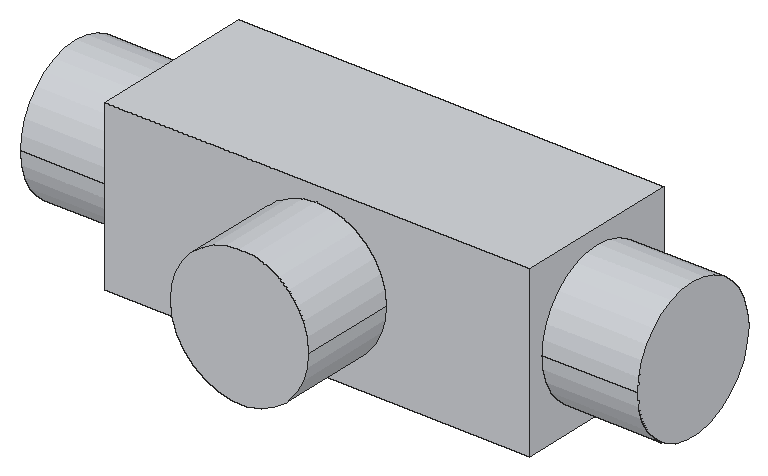
Revit family "M_Corpo do conduíte - Tipo T - Alumínio", category Conexões do conduite, Revit 2019
Family settings
  Cota do conector redondo = Usar raio
  Tipo de parte = Tê
  Número OmniClass = 23.80.30.17.11
  Título OmniClass = Conduits
  ID de item do Seek = Conduit Body - Type T - Aluminum-0000-CAN-ENU
  Com base no plano de trabalho = Não
  Sempre na vertical = Sim
  Corte com vazios quando carregada = Não
  Compartilhado = Não
Parameters (values of type "Padrão")
  Raio nominal 2 [instance] = 8 mm
  Raio nominal 1 [instance] = 8 mm
  Diâmetro nominal 2 [instance] = Raio nominal 2 * 2  # 16 mm
  Diâmetro nominal 1 [instance] = Raio nominal 1 * 2  # 16 mm
  Diâmetro nominal máximo 12 [instance] = if(Diâmetro nominal 1 > Diâmetro nominal 2, Diâmetro nominal 1, Diâmetro nominal 2)  # 16 mm
  Raio externo da conexão 2 [instance] = Diâmetro externo da conexão 2 * 0.5  # 13.716 mm
  Raio externo da conexão 1 [instance] = Diâmetro externo da conexão 1 * 0.5  # 13.716 mm
  Diâmetro externo da conexão 2 [instance] = size_lookup(Pesquisa de tamanho de conduite, "FOD", 1.15 * Diâmetro nominal 2 + 11.708 mm, Diâmetro nominal 2)  # 27.432 mm
  Diâmetro externo da conexão 1 [instance] = size_lookup(Pesquisa de tamanho de conduite, "FOD", 1.15 * Diâmetro nominal 1 + 11.708 mm, Diâmetro nominal 1)  # 27.432 mm
  Pesquisa de tamanho de conduite = "M_Conduit Body - Type T - Aluminum"
  Comprimento do conduíte 2 [instance] = size_lookup(Pesquisa de tamanho de conduite, "CLgt", 0.17 * Diâmetro nominal 2 + 18.256 mm, Diâmetro nominal 2)  # 19.05 mm
  Comprimento do conduíte 1 [instance] = size_lookup(Pesquisa de tamanho de conduite, "CLgt", 0.17 * Diâmetro nominal 1 + 18.256 mm, Diâmetro nominal 1)  # 19.05 mm
  Centro ao final [instance] = size_lookup(Pesquisa de tamanho de conduite, "CtE", 1.93 * Diâmetro nominal máximo 12 + 38.596 mm, Diâmetro nominal máximo 12)  # 61.119 mm
  Largura do corpo do conduíte [instance] = size_lookup(Pesquisa de tamanho de conduite, "CBW", 1.31 * Diâmetro nominal máximo 12 + 16.272 mm, Diâmetro nominal máximo 12)  # 33.338 mm
Reference planes
  plane 1 "Centro (Frente/Trás)": y = 0
  plane 2: z = 0
  plane 3 "Centro (Esquerda/Direita)": x = 0
  plane 4: x = -42.069
  plane 5: x = 42.069
  plane 6: y = 16.669
  plane 7: y = -16.669
  plane 8: z = 16.669
  plane 9: z = -16.669
  plane 10: x = -61.119
  plane 11: y = -35.719
  plane 12: x = 61.119
Forms (mm)
  Extrusion 1, solid
    sketch origin (0, 0, 0) x (1, 0, 0) y (0, 1, 0)
      loop
        line (-42.069, 16.669) -> (-42.069, -16.669) -> (42.069, -16.669) -> (42.069, 16.669) -> (-42.069, 16.669)
    from -16.669 to 16.669
  Extrusion 2, solid, detail levels fine
    sketch origin (0, 0, 0) x (0, 1, 0) y (0, 0, 1)
      loop
        circle (0, 0) r 13.716
    from -61.119 to -42.069
  Extrusion 3, solid, detail levels fine
    sketch origin (0, 0, 0) x (0, 1, 0) y (0, 0, 1)
      loop
        circle (0, 0) r 13.716
    from 42.069 to 61.119
  Extrusion 4, solid, detail levels fine
    sketch origin (0, 0, 0) x (1, 0, 0) y (0, 0, 1)
      loop
        circle (0, 0) r 13.716
    from 16.669 to 35.719
Lines and regions (mm)
  model lines, detail levels coarse+medium
    curve 1: line (-61.119, 0, 0) -> (-42.069, 0, 0)
    curve 2: line (42.069, 0, 0) -> (61.119, 0, 0)
    curve 3: line (0, -16.669, 0) -> (0, -35.719, 0)
Dimensions and locks
  equal spacing: plane 6, plane 1 "Centro (Frente/Trás)", plane 7
  "Largura do corpo do conduíte": plane 6 to plane 7
  equal spacing: plane 8, plane 2, plane 9
  "Largura do corpo do conduíte": plane 8 to plane 9
  "Comprimento do conduíte 1": plane 10 to plane 4
  "Centro ao final": plane 10 to plane 3 "Centro (Esquerda/Direita)"
  "Comprimento do conduíte 1": plane 5 to plane 12
  "Centro ao final": plane 3 "Centro (Esquerda/Direita)" to plane 12
  "Comprimento do conduíte 2": plane 7 to plane 11
  "Raio externo da conexão 1": radius of Extrusion 2 sketch curve
  "Raio externo da conexão 1": radius of Extrusion 3 sketch curve
  "Raio externo da conexão 2": radius of Extrusion 4 sketch curve
  aligned and locked: Extrusion 1 to plane 7
  aligned and locked: plane 6 to Extrusion 1
  aligned and locked: Extrusion 1 to plane 4
  aligned and locked: plane 5 to Extrusion 1
  aligned and locked: plane 8 to Extrusion 1
  aligned and locked: Extrusion 1 to plane 9
  aligned and locked: plane 2 to Extrusion 2 sketch curve
  aligned and locked: plane 1 "Centro (Frente/Trás)" to Extrusion 2 sketch curve
  aligned and locked: plane 4 to Extrusion 2
  aligned and locked: Extrusion 2 to plane 10
  aligned and locked: plane 10 to curve 1
  aligned and locked: plane 4 to curve 1
  aligned and locked: plane 1 "Centro (Frente/Trás)" to curve 1
  aligned and locked: plane 7 to curve 3
  aligned and locked: plane 11 to curve 3
  aligned and locked: curve 3 to plane 3 "Centro (Esquerda/Direita)"
  aligned and locked: plane 5 to curve 2
  aligned and locked: plane 1 "Centro (Frente/Trás)" to curve 2
  aligned and locked: plane 12 to curve 2
  aligned and locked: plane 2 to Extrusion 3 sketch curve
  aligned and locked: plane 1 "Centro (Frente/Trás)" to Extrusion 3 sketch curve
  aligned and locked: Extrusion 3 to plane 5
  aligned and locked: plane 12 to Extrusion 3
  aligned and locked: plane 2 to Extrusion 4 sketch curve
  aligned and locked: plane 3 "Centro (Esquerda/Direita)" to Extrusion 4 sketch curve
  aligned and locked: plane 7 to Extrusion 4
  aligned and locked: Extrusion 4 to plane 11
Automatic sketch dimensions
  plane 4 to Extrusion 1 sketch curve = 0 mm
  Extrusion 1 sketch curve to plane 5 = 0 mm
  plane 1 "Centro (Frente/Trás)" to Extrusion 1 sketch curve = 16.669 mm
  Extrusion 1 sketch curve to plane 1 "Centro (Frente/Trás)" = 16.669 mm
Connectors
  cabletrayconduit at (-61.119, 0, 0), diameter 16, driven by "Raio nominal 1"
    settings: on Extrusion 2, index 1, connector width 304.8 mm, connector height 304.8 mm, connector angle 0.00°, system type 32, placement type 0, profile type 0, connector reference index 2, is primary connector yes, connector utility param no, connector description ""
  cabletrayconduit at (61.119, 0, 0), diameter 16, driven by "Raio nominal 1"
    settings: on Extrusion 3, index 2, connector width 304.8 mm, connector height 304.8 mm, connector angle 0.00°, system type 32, placement type 0, profile type 0, connector reference index 1, is primary connector no, connector utility param no, connector description ""
  cabletrayconduit at (0, -35.719, 0), diameter 16, driven by "Raio nominal 2"
    settings: on Extrusion 4, index 3, connector width 304.8 mm, connector height 304.8 mm, connector angle 0.00°, system type 32, placement type 0, profile type 0, connector reference index -1, is primary connector no, connector utility param no, connector description ""
